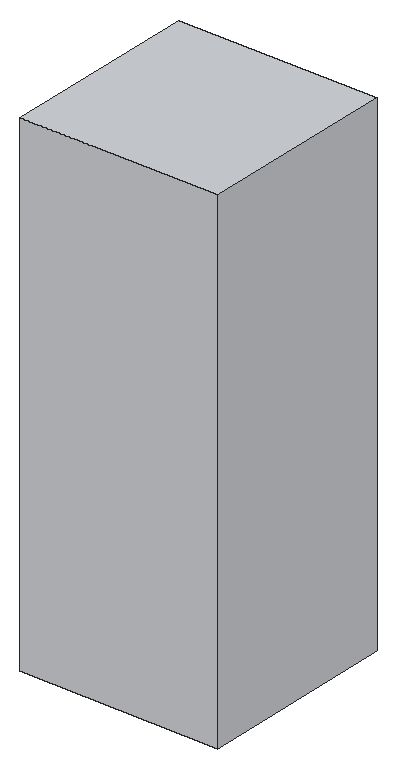
Revit family "XXX_FMI_Schrank", category Datengeräte, Revit 2014
Parameters (values of type "800x800x2000 (BxTxH) Reserve")
  UK_Schrank = 0 mm
  Tür vorne = no
  Tür hinten = no
  Tiefe = 800 mm
  OK_Schrank = UK_Schrank + Höhe  # 2000 mm
  Höhe = 2000 mm
  Doppeltür hinten = no
  Doppeltür Vorne = no
  Breite = 800 mm
  Beschriftung = "R"
  Anschlussdose = no
Types (6, lengths in mm): name | Tür vorne | Tür hinten | Doppeltür hinten | Doppeltür Vorne | Breite | Beschriftung | Anschlussdose
  800x800x2000 (BxTxH) Einfachtür | yes | no | no | no | 800 | "D" | yes
  800x800x2000 (BxTxH) Doppeltür | no | no | no | yes | 800 | "D" | yes
  800x800x2000 (BxTxH) Einfachtür, beidseitig | yes | yes | no | no | 800 | "D" | yes
  800x800x2000 (BxTxH) Doppeltür, beidseitig | no | no | yes | yes | 800 | "D" | yes
  800x800x2000 (BxTxH) Reserve | no | no | no | no | 800 | "R" | no
  300x800x2000 (BxTxH) Kabelschrank | no | no | no | no | 300 | "K" | no
Reference planes
  plane 1 "Mitte (Vorne/Hinten)": y = 0
  plane 2: z = 0
  plane 3 "Mitte (Links/Rechts)": x = 0
  plane 4 "hinten": y = 400
  plane 5 "vorne": y = -400
  plane 6 "links": x = -400
  plane 7 "rechts": x = 400
  plane 8: y = 1200
  plane 9: y = -1200
  plane 10: y = 800
  plane 11: y = -800
  plane 12: z = 2000
  plane 13 "UK_Schrank": z = 0
Forms (mm)
  Extrusion 1, solid
    sketch origin (0, 0, 0) x (1, 0, 0) y (0, 1, 0)
      loop
        line (-400, 400) -> (-400, -400) -> (400, -400) -> (400, 400) -> (-400, 400)
    from 0 <- "UK_Schrank" to 2000 <- "OK_Schrank"
Lines and regions (mm)
  symbolic lines, style "gestrichelte Linie", visible <- "Tür hinten"
    curve 1: line (-400, 400, 0) -> (-400, 1200, 0)
    curve 3: arc (400, 400, 0) -> (165.685, 965.685, 0) -> (-400, 1200, 0) r 800
  symbolic lines, style "gestrichelte Linie", visible <- "Tür vorne"
    curve 2: line (-400, -400, 0) -> (-400, -1200, 0)
    curve 4: arc (-400, -1200, 0) -> (165.685, -965.685, 0) -> (400, -400, 0) r 800
  symbolic lines, style "gestrichelte Linie", visible <- "Doppeltür hinten"
    curve 5: line (-400, 400, 0) -> (-400, 800, 0)
    curve 6: line (400, 400, 0) -> (400, 800, 0)
    curve 9: arc (0, 400, 0) -> (-117.157, 682.843, 0) -> (-400, 800, 0) r 400
    curve 10: arc (400, 800, 0) -> (117.157, 682.843, 0) -> (0, 400, 0) r 400
  symbolic lines, style "gestrichelte Linie", visible <- "Doppeltür Vorne"
    curve 7: line (-400, -400, 0) -> (-400, -800, 0)
    curve 8: line (400, -400, 0) -> (400, -800, 0)
    curve 11: arc (0, -400, 0) -> (117.157, -682.843, 0) -> (400, -800, 0) r 400
    curve 12: arc (-400, -800, 0) -> (-117.157, -682.843, 0) -> (0, -400, 0) r 400
Dimensions and locks
  "Breite": plane 6 "links" to plane 7 "rechts"
  "Tiefe": plane 4 "hinten" to plane 5 "vorne"
  equal spacing: plane 6 "links", plane 3 "Mitte (Links/Rechts)", plane 7 "rechts"
  equal spacing: plane 4 "hinten", plane 1 "Mitte (Vorne/Hinten)", plane 5 "vorne"
  "Breite": plane 8 to plane 4 "hinten"
  "Breite": plane 5 "vorne" to plane 9
  equal spacing: plane 8, plane 10, plane 4 "hinten"
  equal spacing: plane 5 "vorne", plane 11, plane 9
  plane 7 "rechts" to plane 6 "links" = 800 mm
  "OK_Schrank": plane 2 to plane 12
  "UK_Schrank": level to plane 13 "UK_Schrank"
  aligned and locked: level to plane 2
Automatic sketch dimensions
  Extrusion 1 sketch curve to plane 4 "hinten" = 0 mm
  Extrusion 1 sketch curve to plane 5 "vorne" = 0 mm
  Extrusion 1 sketch curve to plane 6 "links" = 0 mm
  Extrusion 1 sketch curve to plane 7 "rechts" = 0 mm
  curve 3 to curve 9 = 0 mm  (x2)
  curve 4 to curve 12 = 0 mm  (x2)
  curve 1 to plane 4 "hinten" = 0 mm
  curve 1 to plane 6 "links" = 0 mm
  curve 2 to plane 5 "vorne" = 0 mm
  curve 7 to plane 5 "vorne" = 0 mm
  curve 7 to plane 6 "links" = 0 mm
  curve 10 to plane 3 "Mitte (Links/Rechts)" = 0 mm
  curve 11 to plane 3 "Mitte (Links/Rechts)" = 0 mm
  curve 12 to plane 3 "Mitte (Links/Rechts)" = 0 mm
  curve 6 to plane 4 "hinten" = 0 mm
  curve 6 to plane 7 "rechts" = 0 mm
  curve 11 to plane 5 "vorne" = 0 mm
  curve 11 to plane 7 "rechts" = 0 mm
  curve 4 to plane 7 "rechts" = 0 mm
  curve 3 to plane 4 "hinten" = 0 mm
  curve 3 to plane 7 "rechts" = 0 mm
  curve 8 to plane 5 "vorne" = 0 mm
  curve 5 to plane 4 "hinten" = 0 mm
  curve 10 to plane 4 "hinten" = 0 mm
Nested families
  nested 1: "Schaltschranktext" at (0, 0, 0), type "Schaltschranktext"
Connectors
  electrical at (0, 0, 0)
    settings: index 1, voltage 0 V, apparent load 0 VA, apparent load phase1 0 VA, apparent load phase2 0 VA, apparent load phase3 0 VA, power factor 1, load classification "Sonstige", number of poles 1, system type 5, power factor state 1, is connector primary yes, connector utility yes, sub classification motor no, connector description ""
Definition of nested family "Schaltschranktext"
  Parameters (values of type "Schaltschranktext")
    Typ = ""
  Reference planes
    plane 1: y = 0
    plane 2: x = 0
  Lines and regions (mm)
    reference lines, not visible
      curve 1: line (-3.597, 18.061, 0) -> (3.76, 18.061, 0)
  Text (mm)
    label "Typ" at (0.096, -0.1, 0), shows "Typ"
    text "B" at (0.193, 23.67, 0), not visible
